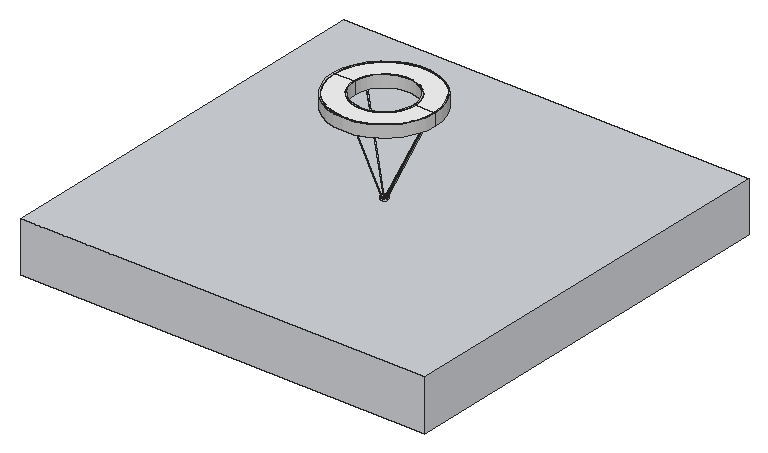
Revit family "en-halla-rotao-suspendedrfa", category Осветительные приборы, Revit 2017
Family settings
  Основа = Грань
  Размер круглого соединителя = Использовать диаметр
  Тип детали = Нормальный
  Номер OmniClass = 23.80.70.11.11
  Заголовок OmniClass = General Luminaries, Non Directional
  При загрузке вырезать с полостями = Нет
  Источник света = Нет
  Общий = Нет
  Точка расчета площади = Нет
Parameters
  Полная установленная мощность = Power input  # 84 VA
  Youtube clip = ""
  Weight Net (Kg) = "0"
  Изготовитель = "HALLA"  # constant formula
  Default Elevation = 0 mm
  Voltage = ""
  Uniclass 2.0 Description = "Luminaires And Lamps"
  Uniclass 2.0 Code = "PR-49"
  Uniclass 1.4 Description = "Luminaires and lamps"
  Uniclass 1.4 Code = "JY73"
  URL = "www.halla.cz"
  UNSPSC Code = "3911"
  Technical description = ""
  Switched on [instance] = yes
  Switched off [instance] = not(Switched on)  # no
  Suspension height [instance] = 500 mm
  Source used = ""
  Source type = ""
  Shape of luminaire = ""
  Region South America = "All"
  Region Oceania = "All"
  Region North America = "All"
  Region Middle East = "All"
  Region Europe = "All"
  Region Asia = "All"
  Region Antarctica = "All"
  Region Africa = "All"
  Real suspension height [instance] = if(Suspension height > 2000 mm, 2000 mm, if(Suspension height < 36 mm, 36 mm, Suspension height))  # 500 mm
  QR code = "http://file-system.ru/catalog/zdaniya_i_sooruzheniya/interer/osveshchenie/halla_rotao_svetilnik/"
  Protection class = ""
  Product group = "ROTAO"
  Product family = "Indoor Luminaires"
  Product data url = ""
  Product code = ""
  Product certification = ""
  Product URL = ""
  Product SKU = "rotao"
  Price (EUR) = 0
  Power input = 84 W
  Description = ""
  Optics type = ""
  Number of sources = 1
  Nominal width = "616.00"
  Nominal height = "70.00"
  NBS Reference Description = "Luminaires And Lamps"
  NBS Reference Code = "49"
  Material secondary = ""
  Material of luminaire = "Hliník"
  Material main = "Aluminium"
  Manufacturer name = "HALLA"
  Manufacturer country = "Czech Republic"
  Lighting width = 616 mm
  Lighting source distance [instance] = Real suspension height + Lighting height + 0.1 mm  # 570.1 mm
  Lighting length = 616 mm
  Lighting height = 70 mm
  Lighting dimensions = ""
  LED source = yes
  Installation instructions = ""
  Installation instruction = ""
  Initial intensity = ""
  Initial colour = ""
  IP Code = ""
  IFC Classification = "Light Fixture"
  Frequency = ""
  Energy class = ""
  Electric potential = 230 V  # constant formula
  Код по классификатору = "D5020200"
  Edition number = "1"
  EAN code = ""
  EAN = ""
  Distribution = ""
  Designer = ""
  Design country = "Czech Republic"
  Depth = "616.00"
  Date of publishing = "2014-12-14"
  Data sheet = ""
  Control gear option = ""
  Colour of luminaire = Aluminium - silver
  COBIe Type Category = ""
Reference planes
  plane 1 "Střed (vpředu/vzadu)": y = 0
  plane 2: z = 0
  plane 3 "Střed (vlevo/vpravo)": x = 0
  plane 4 "BP_Světlo spodní": z = 500
  plane 5 "BP_Světlo horní": z = 570
  plane 6 "Levá": x = -308
  plane 7 "Pravá": x = 308
  plane 8 "BP_Zdroj světla": z = 535
  plane 9 "Zadní": y = 308
  plane 10 "Přední": y = -308
  plane 11: x = -178
  plane 12: x = 178
Forms (mm)
  Extrusion 1, solid
    sketch origin (0, 0, 0) x (1, 0, 0) y (0, 1, 0)
      loop
        line (-1219.2, 1219.2) -> (-1219.2, -1219.2) -> (1219.2, -1219.2) -> (1219.2, 1219.2) -> (-1219.2, 1219.2)
    from 0 to -304.8
  Revolve 2, solid, material "Aluminium - silver" <- "Colour of luminaire"
    sketch origin (0, 0, 0) x (1, 0, 0) y (0, 0, 1)
      loop
        line (-308, 570) -> (-308, 500) -> (-178, 500) -> (-178, 570) -> (-185, 570) -> (-185, 507) -> (-301, 507) -> (-301, 570) -> (-308, 570)
      axis (0, 570) -> (0, 500)
    angle from 0 to 360
  Revolve 3, solid, material "Diffuser - light switched on", visible <- "Switched off"
    sketch origin (0, 0, 0) x (1, 0, 0) y (0, 0, 1)
      loop
        line (-301, 570) -> (-301, 567) -> (-185, 567) -> (-185, 570) -> (-301, 570)
      axis (0, 570) -> (0, 567)
    angle from 0 to 360
  Revolve 4, solid, material "Diffuser - light switched off", visible <- "Switched on"
    sketch origin (0, 0, 0) x (1, 0, 0) y (0, 0, 1)
      loop
        line (-301, 570) -> (-301, 567) -> (-185, 567) -> (-185, 570) -> (-301, 570)
      axis (0, 570) -> (0, 567)
    angle from 0 to 360
Dimensions and locks
  equal spacing: plane 6 "Levá", plane 3 "Střed (vlevo/vpravo)", plane 7 "Pravá"
  "Lighting length": plane 6 "Levá" to plane 7 "Pravá"
  "Lighting width": plane 9 "Zadní" to plane 10 "Přední"
  equal spacing: plane 9 "Zadní", plane 1 "Střed (vpředu/vzadu)", plane 10 "Přední"
  equal spacing: plane 5 "BP_Světlo horní", plane 8 "BP_Zdroj světla", plane 4 "BP_Světlo spodní"
  "Real suspension height": plane 4 "BP_Světlo spodní" to Extrusion 1
  "Lighting height": plane 5 "BP_Světlo horní" to plane 4 "BP_Světlo spodní"
  aligned and locked: plane 2 to Extrusion 1
  aligned and locked: level to Extrusion 1
Automatic sketch dimensions
  Extrusion 1 sketch curve to Extrusion 1 sketch curve = 2438.4 mm  (x2)
  Revolve 2 sketch curve to plane 4 "BP_Světlo spodní" = 0 mm
  Revolve 2 sketch curve to plane 6 "Levá" = 0 mm
  Revolve 2 sketch curve to plane 5 "BP_Světlo horní" = 0 mm  (x2)
  Revolve 2 sketch curve to plane 11 = 0 mm
  Revolve 2 sketch curve to plane 11 = 7 mm
  plane 4 "BP_Světlo spodní" to Revolve 2 sketch curve = 7 mm
  plane 6 "Levá" to Revolve 2 sketch curve = 7 mm
  Revolve 3 sketch curve to plane 5 "BP_Světlo horní" = 0 mm
  plane 6 "Levá" to Revolve 3 sketch curve = 7 mm
  Revolve 3 sketch curve to plane 11 = 7 mm
  Revolve 3 sketch curve to plane 5 "BP_Světlo horní" = 3 mm
  Revolve 4 sketch curve to plane 5 "BP_Světlo horní" = 0 mm
  Revolve 4 sketch curve to plane 3 "Střed (vlevo/vpravo)" = 0 mm
  Revolve 4 sketch curve to plane 5 "BP_Světlo horní" = 3 mm
  Revolve 4 sketch curve to plane 11 = 7 mm
  plane 6 "Levá" to Revolve 4 sketch curve = 7 mm
  Revolve 4 sketch curve to level = 609.6 mm
  plane 5 "BP_Světlo horní" to Revolve 4 sketch curve = 2039.058 mm
Nested families
  nested 1: "ROTAO - source" at (0, 0, 570.1), built-in parameter 1001364 <- "Lighting source distance", type "ROTAO- source"
  nested 2: "ROTAO accessory - 3 wires suspension" at (0, 0, 0), Délka zavěšení <- "Real suspension height", type "ROTAO accessory - 3 wires suspension"
    with Spodní odsazení zavěšení od osy 233 mm, Prodloužení přívodního kabelu 15.064 mm, Horní odsazení zavěšení od osy 10 mm, Délka zavěšení 500 mm
Connectors
  electrical at (0, 0, 0), driven by "Полная установленная мощность", driven by "Electric potential", driven by "Полная установленная мощность"
    settings: index 1, voltage 230 V, apparent load 84 VA, apparent load phase1 84 VA, apparent load phase2 0 VA, apparent load phase3 0 VA, power factor 1, load classification "Osvětlení", number of poles 1, system type 30, power factor state 0, is connector primary yes, connector utility no, sub classification motor no, connector description ""
Definition of nested family "ROTAO accessory - 3 wires suspension"
  Parameters
    Manufacturer = "HALLA"  # constant formula
    Default Elevation = 500 mm
    URL = "http.//www.halla.cz"
    Prodloužení přívodního kabelu [instance] = 15.064 mm
    Description = ""
    Spodní odsazení zavěšení od osy [instance] = 233 mm
    Model = ""
    Assembly Code = "D5020200"
    Keynote = ""
    Horní odsazení zavěšení od osy [instance] = 10 mm
    Délka zavěšení [instance] = 500 mm
    Barva svítidla = none
  Reference planes
    plane 1 "Střed (vpředu/vzadu)": y = 0
    plane 2: z = 0
    plane 3 "Střed (vlevo/vpravo)": x = 0
    plane 4 "Horní": z = 500
  Forms (mm)
    Revolve 1, solid, not visible
      sketch origin (0, 0, 0) x (0, 1, 0) y (0, 0, 1)
        loop
          line (-600, 19.35) -> (-600, 0) -> (-592.108, 0) -> (-592.108, 1.35) -> (-594.015, 1.35) -> (-594.015, 19.35) -> (-600, 19.35)
        axis (-600, 0) -> (-600, 19.35)
      angle from 0 to 360
    Revolve 2, solid, not visible
      sketch origin (0, 0, 0) x (0, 1, 0) y (0, 0, 1)
        loop
          line (-600, 600) -> (-600, 568.8) -> (-598, 568.8) -> (-598, 575.5) -> (-595.494, 575.5) -> (-595.494, 600) -> (-600, 600)
        axis (-600, 568.8) -> (-600, 600)
      angle from 0 to 360
    Extrusion 3, solid, not visible
      sketch origin (0, 0, 0) x (1, 0, 0) y (0, 1, 0)
        loop
          circle (0, -600) r 1.018
      from 0 to 500 <- "Délka zavěšení"
    Extrusion 4, solid, material <- "Barva svítidla"
      sketch origin (-150, 150, 0) x (1, 0, 0) y (0, 1, 0)
        loop
          circle (150, -150) r 20
      from 0 to 13
    Revolve 5, solid, material <- "Barva svítidla"
      sketch origin (0, 0, 500) x (0, -1, 0) y (0, 0, 1)
        loop
          line (233.017, 0) -> (228.512, 0) -> (228.512, -3.423) -> (231.017, -3.423) -> (231.017, -7.871) -> (233.017, -7.871) -> (233.017, 0)
        axis (233.017, -7.871) -> (233.017, 0)
      angle from 0 to 360
    Revolve 6, solid, material <- "Barva svítidla"
      sketch origin (0, 0, 500) x (0.866025, 0.5, 0) y (0, 0, 1)
        loop
          line (233.099, 0) -> (228.46, 0) -> (228.46, -3.423) -> (230.965, -3.423) -> (230.965, -7.871) -> (233.099, -7.871) -> (233.099, 0)
        axis (233.099, -7.871) -> (233.099, 0)
      angle from 0 to 360
    Revolve 7, solid, material <- "Barva svítidla"
      sketch origin (0, 0, 500) x (-0.866025, 0.5, 0) y (0, 0, 1)
        loop
          line (233, 0) -> (228.494, 0) -> (228.494, -3.423) -> (231, -3.423) -> (231, -7.871) -> (233, -7.871) -> (233, 0)
        axis (233, 0) -> (233, -7.871)
      angle from 0 to 360
    Sweep 8, solid
      path in 3D
        loop
          line (0, -233, 492) -> (0, -10, 0)
      profile origin (0, -121.5, 246) x (0, -0.91081, -0.412826) y (-1, 0, 0)
        loop
          circle (0, 0) r 0.4
    Sweep 9, solid
      path in 3D
        loop
          line (201.784, 116.5, 492) -> (8.66, 5, 0)
      profile origin (105.222, 60.75, 246) x (0.788784, 0.455405, -0.412826) y (0.5, -0.866025, 0)
        loop
          circle (0, 0) r 0.4
    Sweep 10, solid
      path in 3D
        loop
          line (-201.784, 116.5, 492) -> (-8.66, 5, 0)
      profile origin (-105.222, 60.75, 246) x (-0.788784, 0.455405, -0.412826) y (0.5, 0.866025, 0)
        loop
          circle (0, 0) r 0.4
    Sweep 11, solid
      path in 3D
        loop
          line (0, 0, 0) -> (225.061, 60.305, 500)
      profile origin (112.53, 30.152, 250) x (-0.875529, -0.234597, 0.422389) y (0.258819, -0.965926, 0)
        loop
          circle (0, 0) r 1.997
  Lines and regions (mm)
    reference lines
      curve 1: circle (0, 0, 0) r 10 normal (0, 0, 1)
      curve 2: line (0, 0, 0) -> (0, -10, 0)
      curve 3: line (0, 0, 0) -> (8.66, 5, 0)
      curve 4: line (0, 0, 0) -> (-8.66, 5, 0)
      curve 5: line (0, 0, 500) -> (201.784, 116.5, 500)
      curve 6: line (0, 0, 500) -> (-201.784, 116.5, 500)
      curve 7: line (0, 0, 500) -> (0, -233, 500)
      curve 8: circle (0, 0, 500) r 233 normal (0, 0, 1)
      curve 9: line (-201.784, 116.5, 500) -> (-201.784, 116.5, 492)
      curve 10: line (201.784, 116.5, 500) -> (201.784, 116.5, 492)
      curve 11: line (0, -233, 500) -> (0, -233, 492)
      curve 12: line (0, -233, 492) -> (0, -10, 0)
      curve 13: line (201.784, 116.5, 492) -> (8.66, 5, 0)
      curve 14: line (-201.784, 116.5, 492) -> (-8.66, 5, 0)
      curve 18: line (0, 0, 500) -> (225.061, 60.305, 500)
      curve 19: line (0, 0, 0) -> (225.061, 60.305, 500)
    sketch lines
      curve 15: line (0, -233, 492) -> (0, -10, 0)
      curve 16: line (201.784, 116.5, 492) -> (8.66, 5, 0)
      curve 17: line (-201.784, 116.5, 492) -> (-8.66, 5, 0)
      curve 20: line (0, 0, 0) -> (225.061, 60.305, 500)
  Dimensions and locks
    "Délka zavěšení": plane 4 "Horní" to level
    "Horní odsazení zavěšení od osy": radius of curve 1
    "Spodní odsazení zavěšení od osy": radius of curve 8
    equal spacing: curve 3, plane 3 "Střed (vlevo/vpravo)", curve 4
    angle curve 3 to curve 4 = 120.00°
    equal spacing: curve 5, curve 6, curve 7
    angle plane 1 "Střed (vpředu/vzadu)" to curve 18 = 15.00°
    aligned and locked: level to plane 2
    aligned and locked: curve 9 to curve 14
    aligned and locked: curve 10 to curve 13
    aligned and locked: curve 1 to curve 12
    aligned and locked: curve 11 to curve 12
    aligned and locked: curve 4 to curve 14
    aligned and locked: curve 3 to curve 13
    aligned and locked: curve 8 to curve 19
    aligned and locked: curve 19 to curve 3
  Automatic sketch dimensions
    Revolve 2 sketch curve to Revolve 2 sketch curve = 4.506 mm
    Revolve 2 sketch curve to Revolve 2 sketch curve = 6.7 mm
    Revolve 1 sketch curve to Revolve 1 sketch curve = 1.906 mm
    Revolve 1 sketch curve to Revolve 1 sketch curve = 18 mm
    Revolve 1 sketch curve to Revolve 1 sketch curve = 5.985 mm
    Revolve 1 sketch curve to Revolve 1 sketch curve = 1.35 mm
    Revolve 1 sketch curve to Revolve 1 sketch curve = 0 mm
    Revolve 1 sketch curve to Revolve 1 sketch curve = 304.8 mm
    Revolve 1 sketch curve to Revolve 1 sketch curve = 2419.05 mm
    Revolve 2 sketch curve to Revolve 2 sketch curve = 2.506 mm
    Revolve 2 sketch curve to Revolve 2 sketch curve = 24.5 mm
    Revolve 2 sketch curve to Revolve 2 sketch curve = 0 mm
    Revolve 2 sketch curve to Revolve 2 sketch curve = 873.6 mm
    Revolve 2 sketch curve to Revolve 2 sketch curve = 1838.4 mm
    plane 1 "Střed (vpředu/vzadu)" to Extrusion 4 sketch curve = 0 mm
    Extrusion 4 sketch curve to plane 3 "Střed (vlevo/vpravo)" = 0 mm
    curve 7 to Revolve 5 sketch curve = 0 mm  (x2)
    Revolve 5 sketch curve to curve 7 = 4.488 mm
    Revolve 5 sketch curve to curve 7 = 1.983 mm
    curve 7 to Revolve 5 sketch curve = 0.017 mm
    Revolve 5 sketch curve to curve 7 = 3.423 mm
    Revolve 5 sketch curve to curve 7 = 7.871 mm
    Revolve 5 sketch curve to Revolve 5 sketch curve = 0 mm
    curve 7 to Revolve 5 sketch curve = 10 mm
    curve 5 to Revolve 6 sketch curve = 0 mm  (x2)
    Revolve 6 sketch curve to curve 5 = 4.54 mm
    Revolve 6 sketch curve to curve 5 = 2.035 mm
    curve 5 to Revolve 6 sketch curve = 0.099 mm
    Revolve 6 sketch curve to curve 5 = 3.423 mm
    Revolve 6 sketch curve to curve 5 = 7.871 mm
    Revolve 6 sketch curve to Revolve 6 sketch curve = 0 mm
    curve 5 to Revolve 6 sketch curve = 8.737 mm
    Revolve 7 sketch curve to curve 6 = 0 mm  (x3)
    Revolve 7 sketch curve to curve 6 = 32.154 mm
    Revolve 7 sketch curve to curve 6 = 7.871 mm
    Revolve 7 sketch curve to curve 6 = 31.2 mm
    Revolve 7 sketch curve to curve 6 = 2 mm
    Revolve 7 sketch curve to curve 6 = 4.506 mm
    Revolve 7 sketch curve to curve 6 = 3.423 mm
    plane 4 "Horní" to curve 9 = 0 mm
    curve 9 to plane 4 "Horní" = 8 mm
    plane 4 "Horní" to curve 10 = 0 mm
    curve 10 to plane 4 "Horní" = 8 mm
    curve 11 to plane 4 "Horní" = 0 mm
    curve 11 to curve 11 = 8 mm
    curve 11 to plane 3 "Střed (vlevo/vpravo)" = 0 mm
    curve 14 to curve 6 = 8 mm
    curve 6 to curve 14 = 10 mm
    curve 12 to curve 7 = 8 mm
    curve 7 to curve 12 = 10 mm
    curve 13 to curve 5 = 8 mm
    curve 5 to curve 13 = 10 mm
    profile plane to Sweep 8 sketch curve = 0 mm
    Sweep 8 sketch curve to profile plane = 0 mm
    Sweep 9 sketch curve to profile plane = 0 mm  (x2)
    Sweep 10 sketch curve to profile plane = 0 mm
    profile plane to Sweep 10 sketch curve = 0 mm
    curve 19 to curve 18 = 0 mm  (x2)
    Sweep 11 sketch curve to profile plane = 0 mm
    profile plane to Sweep 11 sketch curve = 0 mm
    curve 2 to plane 3 "Střed (vlevo/vpravo)" = 0 mm
    plane 1 "Střed (vpředu/vzadu)" to curve 1 = 0 mm
    curve 1 to plane 3 "Střed (vlevo/vpravo)" = 0 mm
    plane 1 "Střed (vpředu/vzadu)" to curve 2 = 0 mm
    plane 1 "Střed (vpředu/vzadu)" to curve 6 = 0 mm
    curve 6 to plane 3 "Střed (vlevo/vpravo)" = 0 mm
    plane 1 "Střed (vpředu/vzadu)" to curve 8 = 0 mm
    curve 8 to plane 3 "Střed (vlevo/vpravo)" = 0 mm
    radius of Extrusion 3 sketch curve = 1.018 mm
    radius of Extrusion 4 sketch curve = 20 mm
    radius of Sweep 8 sketch curve = 0.4 mm
    radius of Sweep 9 sketch curve = 0.4 mm
    radius of Sweep 10 sketch curve = 0.4 mm
    radius of Sweep 11 sketch curve = 1.997 mm
Definition of nested family "ROTAO - source"
  Parameters
    built-in parameter 1150104 = 13.8 (stored number, unit not read)
    Tilt Angle = -90.00°
    built-in parameter 1150112 = 1 (stored number, unit not read)
    built-in parameter 1114218 = 1 (stored number, unit not read)
    built-in parameter 1150109 = 1 (stored number, unit not read)
    built-in parameter 1150110 = 1 (stored number, unit not read)
    built-in parameter 1150133 = 10 (stored number, unit not read)
    built-in parameter 1150134 = 12
    Lumens = 3220 lm
    Photometric Web File = "ALUMO.ies"
    Wattage = 21.6774 W
    built-in parameter 1150107 = 4000 (stored number, unit not read)
    built-in parameter 1150102 = (empty or 0)
    built-in parameter 1150138 = (empty or 0)
    Dimming Lamp Color Temperature Shift = (empty or 0)
    built-in parameter 1150114 = 1 (stored number, unit not read)
    built-in parameter 1150115 = 1 (stored number, unit not read)
    built-in parameter 1150106 = 2.5624 (stored number, unit not read)
    built-in parameter 1150137 = (empty or 0)
    built-in parameter 1150132 = 2
    built-in parameter 1150105 = 256.24 (stored number, unit not read)
    built-in parameter 1150139 = (empty or 0)
    built-in parameter 1150113 = 1 (stored number, unit not read)
    Emit from Circle Diameter = 602 mm
    Emit Shape Visible in Rendering = no
    built-in parameter 1114217 = 1 (stored number, unit not read)
    Color Filter = 16777215
  Reference planes
    plane 1 "Střed (vpředu/vzadu)": y = 0
    plane 2: z = 0
    plane 3 "Střed (vlevo/vpravo)": x = 0
  Lines and regions (mm)
    model lines, not visible
      curve 1: line (0, 0, 0) -> (0, 304.8, 0)
      curve 2: line (0, 0, 0) -> (620, 0, 0)
  Dimensions and locks
    aligned and locked: level to plane 2
